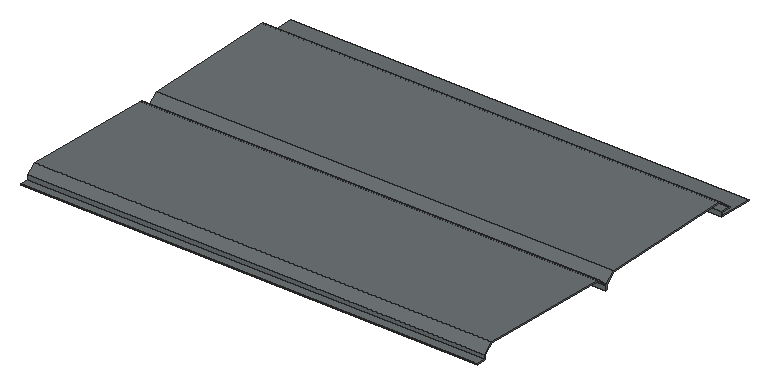
Revit family "BIMLIB_СайдингМеталлическийЭкобрусNew_GRANDLINE", category Обобщенные модели, Revit 2017
Family settings
  Может служить основой для арматурных стержней = Нет
  Размер круглого соединителя = Использовать диаметр
  Тип детали = Нормальный
  При загрузке вырезать с полостями = Нет
  Общий = Нет
  Точка расчета площади = Нет
Parameters (values of type "Экобрус New")
  Смещение от плоскости [instance] = 0 mm
  Описание = ADSK_Наименование  # "Металлический сайдинг Экобрус new"
  Изготовитель = "Grand Line"  # constant formula
  built-in parameter 1001306 [instance] = 500 mm
  Watermark [instance] = "Модели защищены уникальным кодом"
  URL = "https://www.grandline.ru"
  BL_Разработано = "support@bimlib.pro"
  BL_Email = "info@grandline.ru"
  BL_BIM library = "https://bimlib.pro/manufacturer/company/22430"
  ADSK_Размер_Ширина = 332 mm
  ADSK_Размер_Длина [instance] = [built-in parameter 1001306]  # 500 mm
  ADSK_Обозначение = "ГОСТ 19904-90, ГОСТ 14918-80"
  ADSK_Наименование = "Металлический сайдинг Экобрус new"
  ADSK_Материал тип подсчета = 2  # constant formula
  ADSK_Материал = GL_Drap_RAL7016
  ADSK_Масса_Текст [instance] = ""
  ADSK_Масса [instance] = 0
  ADSK_Марка = ""
  ADSK_Количество [instance] = if(ADSK_Материал тип подсчета = 0, 1, if(ADSK_Материал тип подсчета = 1, ADSK_Размер_Длина / 1000 mm, if(ADSK_Материал тип подсчета = 2, ADSK_Размер_Длина * ADSK_Размер_Ширина / 1.00 m², 0)))  # 0.166
  ADSK_Код изделия = "M21.128.01"  # constant formula
  ADSK_Завод-изготовитель = "Grand Line"  # constant formula
  ADSK_Единица измерения = "м2"  # constant formula
  ADSK_Группирование = "Сайдинг"  # constant formula
  ADSK_Версия Revit = "2017"  # constant formula
  ADSK_URL страницы изделия = "https://www.grandline.ru/shop/fasad/metallicheskij-sajding/metallosajding-ekobrus-gl/"
  ADSK_URL документации изделия = "https://www.grandline.ru/shop/fasad/metallicheskij-sajding/metallosajding-ekobrus-gl/tehnicheskaya-dokumentaciya/#techdoc"
Reference planes
  plane 1 "По центру (Вперед/Назад)": y = 0
  plane 2: z = 0
  plane 3 "Слева": x = 0
  plane 4 "Справа": x = 500
  plane 5: y = 324.425
Forms (mm)
  Sweep 1, solid, material "GL_Drap_RAL7016" <- "ADSK_Материал"
    path in 3D
      loop
        line (0, 0, 0) -> (500, 0, 0)
    profile "Профиль_СайдингМеталлическийЭкобрусNew : Профиль" origin (250, 0, 0) x (0, 1, 0) y (0, 0, 1)
      loop
        line (10.056, 18) -> (0, 9.987) -> (0, 5.4) -> (-10, 5.4) -> (-10, 4.6) -> (0.8, 4.6) -> (0.8, 9.602) -> (10.327, 17.193) -> (155.743, 13.508) -> (165.256, 5.041) -> (165.256, 0) -> (166.856, 0) -> (166.856, 5.041) -> (176.369, 13.508) -> (321.785, 17.193) -> (334.002, 7.458) -> (323.625, 7.458) -> (323.625, 2.658) -> (360.425, 2.658) -> (360.425, 3.458) -> (324.425, 3.458) -> (324.425, 6.658) -> (334.052, 6.658)
        arc (334.052, 6.658) -> (334.79, 7.183) -> (334.539, 8.053) r 0.783
        line (334.539, 8.053) -> (322.056, 18) -> (176.056, 14.3) -> (166.056, 5.4) -> (156.056, 14.3) -> (10.056, 18)
Lines and regions (mm)
  reference lines
    curve 1: line (0, 0, 0) -> (500, 0, 0)
  sketch lines
    curve 2: line (0, 0, 0) -> (500, 0, 0)
Dimensions and locks
  "built-in parameter 1001306": plane 3 "Слева" to plane 4 "Справа"
  aligned and locked: plane 4 "Справа" to curve 1
  aligned and locked: plane 1 "По центру (Вперед/Назад)" to curve 1
  aligned and locked: plane 3 "Слева" to curve 1
  aligned and locked: level to plane 2
